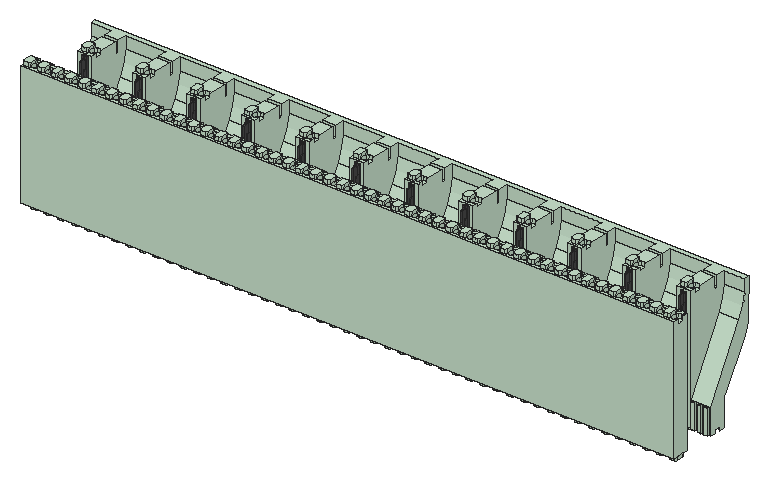
Revit family (continued)
Forms (mm)
  Extrusion 54, void
    sketch origin (1574.8, -25.16, 0) x (-1, 0, 0) y (0, -1, 0)
      loop
        arc (50.8, -101.014) -> (50.362, -98.696) -> (49.108, -96.698) r 6.35
        arc (49.108, -96.698) -> (48.795, -96.199) -> (48.685, -95.62) r 1.588
        line (48.685, -95.62) -> (48.685, -86.829) -> (44.346, -86.829) -> (44.346, -92.457)
        arc (44.346, -92.457) -> (43.786, -93.668) -> (42.5, -94.024) r 1.587
        arc (42.5, -94.024) -> (36.091, -93.737) -> (29.796, -94.972) r 26.988
        arc (29.796, -94.972) -> (26.615, -97.278) -> (25.4, -101.014) r 6.35
        line (25.4, -101.014) -> (25.4, -124.411)
    from 457.2 to 444.5
  Extrusion 55, void
    sketch origin (1371.6, -25.16, 0) x (-1, 0, 0) y (0, -1, 0)
      loop
        arc (25.4, -124.411) -> (26.615, -128.147) -> (29.796, -130.453) r 6.35
        arc (29.796, -130.453) -> (38.1, -131.763) -> (46.404, -130.453) r 26.987
        arc (46.404, -130.453) -> (49.585, -128.147) -> (50.8, -124.411) r 6.35
        line (50.8, -124.411) -> (50.8, -101.014)
        arc (50.8, -101.014) -> (50.362, -98.696) -> (49.108, -96.698) r 6.35
        arc (49.108, -96.698) -> (48.795, -96.199) -> (48.685, -95.62) r 1.588
        line (48.685, -95.62) -> (48.685, -86.829) -> (44.346, -86.829) -> (44.346, -92.457)
        arc (44.346, -92.457) -> (43.786, -93.668) -> (42.5, -94.024) r 1.587
        arc (42.5, -94.024) -> (36.091, -93.737) -> (29.796, -94.972) r 26.988
        arc (29.796, -94.972) -> (26.615, -97.278) -> (25.4, -101.014) r 6.35
        line (25.4, -101.014) -> (25.4, -124.411)
    from 457.2 to 444.5
  Extrusion 56, void
    sketch origin (1168.4, -25.16, 0) x (-1, 0, 0) y (0, -1, 0)
      loop
        arc (25.4, -124.411) -> (26.615, -128.147) -> (29.796, -130.453) r 6.35
        arc (29.796, -130.453) -> (38.1, -131.763) -> (46.404, -130.453) r 26.987
        arc (46.404, -130.453) -> (49.585, -128.147) -> (50.8, -124.411) r 6.35
        line (50.8, -124.411) -> (50.8, -101.014)
        arc (50.8, -101.014) -> (50.362, -98.696) -> (49.108, -96.698) r 6.35
        arc (49.108, -96.698) -> (48.795, -96.199) -> (48.685, -95.62) r 1.588
        line (48.685, -95.62) -> (48.685, -86.829) -> (44.346, -86.829) -> (44.346, -92.457)
        arc (44.346, -92.457) -> (43.786, -93.668) -> (42.5, -94.024) r 1.587
        arc (42.5, -94.024) -> (36.091, -93.737) -> (29.796, -94.972) r 26.988
        arc (29.796, -94.972) -> (26.615, -97.278) -> (25.4, -101.014) r 6.35
        line (25.4, -101.014) -> (25.4, -124.411)
    from 457.2 to 444.5
  Extrusion 57, void
    sketch origin (965.2, -25.16, 0) x (-1, 0, 0) y (0, -1, 0)
      loop
        arc (25.4, -124.411) -> (26.615, -128.147) -> (29.796, -130.453) r 6.35
        arc (29.796, -130.453) -> (38.1, -131.763) -> (46.404, -130.453) r 26.987
        arc (46.404, -130.453) -> (49.585, -128.147) -> (50.8, -124.411) r 6.35
        line (50.8, -124.411) -> (50.8, -101.014)
        arc (50.8, -101.014) -> (50.362, -98.696) -> (49.108, -96.698) r 6.35
        arc (49.108, -96.698) -> (48.795, -96.199) -> (48.685, -95.62) r 1.588
        line (48.685, -95.62) -> (48.685, -86.829) -> (44.346, -86.829) -> (44.346, -92.457)
        arc (44.346, -92.457) -> (43.786, -93.668) -> (42.5, -94.024) r 1.587
        arc (42.5, -94.024) -> (36.091, -93.737) -> (29.796, -94.972) r 26.988
        arc (29.796, -94.972) -> (26.615, -97.278) -> (25.4, -101.014) r 6.35
        line (25.4, -101.014) -> (25.4, -124.411)
    from 457.2 to 444.5
  Extrusion 58, void
    sketch origin (762, -25.16, 0) x (-1, 0, 0) y (0, -1, 0)
      loop
        arc (25.4, -124.411) -> (26.615, -128.147) -> (29.796, -130.453) r 6.35
        arc (29.796, -130.453) -> (38.1, -131.763) -> (46.404, -130.453) r 26.987
        arc (46.404, -130.453) -> (49.585, -128.147) -> (50.8, -124.411) r 6.35
        line (50.8, -124.411) -> (50.8, -101.014)
        arc (50.8, -101.014) -> (50.362, -98.696) -> (49.108, -96.698) r 6.35
        arc (49.108, -96.698) -> (48.795, -96.199) -> (48.685, -95.62) r 1.588
        line (48.685, -95.62) -> (48.685, -86.829) -> (44.346, -86.829) -> (44.346, -92.457)
        arc (44.346, -92.457) -> (43.786, -93.668) -> (42.5, -94.024) r 1.587
        arc (42.5, -94.024) -> (36.091, -93.737) -> (29.796, -94.972) r 26.988
        arc (29.796, -94.972) -> (26.615, -97.278) -> (25.4, -101.014) r 6.35
        line (25.4, -101.014) -> (25.4, -124.411)
    from 457.2 to 444.5
  Extrusion 59, void
    sketch origin (558.8, -25.16, 0) x (-1, 0, 0) y (0, -1, 0)
      loop
        arc (25.4, -124.411) -> (26.615, -128.147) -> (29.796, -130.453) r 6.35
        arc (29.796, -130.453) -> (38.1, -131.763) -> (46.404, -130.453) r 26.987
        arc (46.404, -130.453) -> (49.585, -128.147) -> (50.8, -124.411) r 6.35
        line (50.8, -124.411) -> (50.8, -101.014)
        arc (50.8, -101.014) -> (50.362, -98.696) -> (49.108, -96.698) r 6.35
        arc (49.108, -96.698) -> (48.795, -96.199) -> (48.685, -95.62) r 1.588
        line (48.685, -95.62) -> (48.685, -86.829) -> (44.346, -86.829) -> (44.346, -92.457)
        arc (44.346, -92.457) -> (43.786, -93.668) -> (42.5, -94.024) r 1.587
        arc (42.5, -94.024) -> (36.091, -93.737) -> (29.796, -94.972) r 26.988
        arc (29.796, -94.972) -> (26.615, -97.278) -> (25.4, -101.014) r 6.35
        line (25.4, -101.014) -> (25.4, -124.411)
    from 457.2 to 444.5
  Extrusion 60, void
    sketch origin (355.6, -25.16, 0) x (-1, 0, 0) y (0, -1, 0)
      loop
        arc (25.4, -124.411) -> (26.615, -128.147) -> (29.796, -130.453) r 6.35
        arc (29.796, -130.453) -> (38.1, -131.763) -> (46.404, -130.453) r 26.987
        arc (46.404, -130.453) -> (49.585, -128.147) -> (50.8, -124.411) r 6.35
        line (50.8, -124.411) -> (50.8, -101.014)
        arc (50.8, -101.014) -> (50.362, -98.696) -> (49.108, -96.698) r 6.35
        arc (49.108, -96.698) -> (48.795, -96.199) -> (48.685, -95.62) r 1.588
        line (48.685, -95.62) -> (48.685, -86.829) -> (44.346, -86.829) -> (44.346, -92.457)
        arc (44.346, -92.457) -> (43.786, -93.668) -> (42.5, -94.024) r 1.587
        arc (42.5, -94.024) -> (36.091, -93.737) -> (29.796, -94.972) r 26.988
        arc (29.796, -94.972) -> (26.615, -97.278) -> (25.4, -101.014) r 6.35
        line (25.4, -101.014) -> (25.4, -124.411)
    from 457.2 to 444.5
  Extrusion 61, void
    sketch origin (152.4, -25.16, 0) x (-1, 0, 0) y (0, -1, 0)
      loop
        arc (25.4, -124.411) -> (26.615, -128.147) -> (29.796, -130.453) r 6.35
        arc (29.796, -130.453) -> (38.1, -131.763) -> (46.404, -130.453) r 26.987
        arc (46.404, -130.453) -> (49.585, -128.147) -> (50.8, -124.411) r 6.35
        line (50.8, -124.411) -> (50.8, -101.014)
        arc (50.8, -101.014) -> (50.362, -98.696) -> (49.108, -96.698) r 6.35
        arc (49.108, -96.698) -> (48.795, -96.199) -> (48.685, -95.62) r 1.588
        line (48.685, -95.62) -> (48.685, -86.829) -> (44.346, -86.829) -> (44.346, -92.457)
        arc (44.346, -92.457) -> (43.786, -93.668) -> (42.5, -94.024) r 1.587
        arc (42.5, -94.024) -> (36.091, -93.737) -> (29.796, -94.972) r 26.988
        arc (29.796, -94.972) -> (26.615, -97.278) -> (25.4, -101.014) r 6.35
        line (25.4, -101.014) -> (25.4, -124.411)
    from 457.2 to 444.5
  Extrusion 62, void
    sketch origin (50.8, 25.64, 0) x (-1, 0, 0) y (0, -1, 0)
      loop
        line (25.4, 124.411) -> (25.4, 101.014)
        arc (25.4, 101.014) -> (26.615, 97.278) -> (29.796, 94.972) r 6.35
        arc (29.796, 94.972) -> (36.091, 93.737) -> (42.5, 94.024) r 26.988
        arc (42.5, 94.024) -> (43.786, 93.668) -> (44.346, 92.457) r 1.587
        line (44.346, 92.457) -> (44.346, 86.829) -> (48.685, 86.829) -> (48.685, 95.62)
        arc (48.685, 95.62) -> (48.795, 96.199) -> (49.108, 96.698) r 1.588
        arc (49.108, 96.698) -> (50.362, 98.696) -> (50.8, 101.014) r 6.35
        line (50.8, 101.014) -> (50.8, 124.411)
        arc (50.8, 124.411) -> (49.585, 128.147) -> (46.404, 130.453) r 6.35
        arc (46.404, 130.453) -> (38.1, 131.763) -> (29.796, 130.453) r 26.987
        arc (29.796, 130.453) -> (26.615, 128.147) -> (25.4, 124.411) r 6.35
    from 0 to 12.7
  Extrusion 63, void
    sketch origin (101.6, 25.64, 0) x (-1, 0, 0) y (0, -1, 0)
      loop
        line (25.4, 124.411) -> (25.4, 101.014)
        arc (25.4, 101.014) -> (26.615, 97.278) -> (29.796, 94.972) r 6.35
        arc (29.796, 94.972) -> (36.091, 93.737) -> (42.5, 94.024) r 26.988
        arc (42.5, 94.024) -> (43.786, 93.668) -> (44.346, 92.457) r 1.587
        line (44.346, 92.457) -> (44.346, 86.829) -> (48.685, 86.829) -> (48.685, 95.62)
        arc (48.685, 95.62) -> (48.795, 96.199) -> (49.108, 96.698) r 1.588
        arc (49.108, 96.698) -> (50.362, 98.696) -> (50.8, 101.014) r 6.35
        line (50.8, 101.014) -> (50.8, 124.411)
        arc (50.8, 124.411) -> (49.585, 128.147) -> (46.404, 130.453) r 6.35
        arc (46.404, 130.453) -> (38.1, 131.763) -> (29.796, 130.453) r 26.987
        arc (29.796, 130.453) -> (26.615, 128.147) -> (25.4, 124.411) r 6.35
    from 0 to 12.7
  Extrusion 64, void
    sketch origin (152.4, 25.64, 0) x (-1, 0, 0) y (0, -1, 0)
      loop
        line (25.4, 124.411) -> (25.4, 101.014)
        arc (25.4, 101.014) -> (26.615, 97.278) -> (29.796, 94.972) r 6.35
        arc (29.796, 94.972) -> (36.091, 93.737) -> (42.5, 94.024) r 26.988
        arc (42.5, 94.024) -> (43.786, 93.668) -> (44.346, 92.457) r 1.587
        line (44.346, 92.457) -> (44.346, 86.829) -> (48.685, 86.829) -> (48.685, 95.62)
        arc (48.685, 95.62) -> (48.795, 96.199) -> (49.108, 96.698) r 1.588
        arc (49.108, 96.698) -> (50.362, 98.696) -> (50.8, 101.014) r 6.35
        line (50.8, 101.014) -> (50.8, 124.411)
        arc (50.8, 124.411) -> (49.585, 128.147) -> (46.404, 130.453) r 6.35
        arc (46.404, 130.453) -> (38.1, 131.763) -> (29.796, 130.453) r 26.987
        arc (29.796, 130.453) -> (26.615, 128.147) -> (25.4, 124.411) r 6.35
    from 0 to 12.7
  Extrusion 65, void
    sketch origin (203.2, 25.64, 0) x (-1, 0, 0) y (0, -1, 0)
      loop
        line (25.4, 124.411) -> (25.4, 101.014)
        arc (25.4, 101.014) -> (26.615, 97.278) -> (29.796, 94.972) r 6.35
        arc (29.796, 94.972) -> (36.091, 93.737) -> (42.5, 94.024) r 26.988
        arc (42.5, 94.024) -> (43.786, 93.668) -> (44.346, 92.457) r 1.587
        line (44.346, 92.457) -> (44.346, 86.829) -> (48.685, 86.829) -> (48.685, 95.62)
        arc (48.685, 95.62) -> (48.795, 96.199) -> (49.108, 96.698) r 1.588
        arc (49.108, 96.698) -> (50.362, 98.696) -> (50.8, 101.014) r 6.35
        line (50.8, 101.014) -> (50.8, 124.411)
        arc (50.8, 124.411) -> (49.585, 128.147) -> (46.404, 130.453) r 6.35
        arc (46.404, 130.453) -> (38.1, 131.763) -> (29.796, 130.453) r 26.987
        arc (29.796, 130.453) -> (26.615, 128.147) -> (25.4, 124.411) r 6.35
    from 0 to 12.7
  Extrusion 66, void
    sketch origin (254, 25.64, 0) x (-1, 0, 0) y (0, -1, 0)
      loop
        line (25.4, 124.411) -> (25.4, 101.014)
        arc (25.4, 101.014) -> (26.615, 97.278) -> (29.796, 94.972) r 6.35
        arc (29.796, 94.972) -> (36.091, 93.737) -> (42.5, 94.024) r 26.988
        arc (42.5, 94.024) -> (43.786, 93.668) -> (44.346, 92.457) r 1.587
        line (44.346, 92.457) -> (44.346, 86.829) -> (48.685, 86.829) -> (48.685, 95.62)
        arc (48.685, 95.62) -> (48.795, 96.199) -> (49.108, 96.698) r 1.588
        arc (49.108, 96.698) -> (50.362, 98.696) -> (50.8, 101.014) r 6.35
        line (50.8, 101.014) -> (50.8, 124.411)
        arc (50.8, 124.411) -> (49.585, 128.147) -> (46.404, 130.453) r 6.35
        arc (46.404, 130.453) -> (38.1, 131.763) -> (29.796, 130.453) r 26.987
        arc (29.796, 130.453) -> (26.615, 128.147) -> (25.4, 124.411) r 6.35
    from 0 to 12.7
  Extrusion 67, void
    sketch origin (304.8, 25.64, 0) x (-1, 0, 0) y (0, -1, 0)
      loop
        line (25.4, 124.411) -> (25.4, 101.014)
        arc (25.4, 101.014) -> (26.615, 97.278) -> (29.796, 94.972) r 6.35
        arc (29.796, 94.972) -> (36.091, 93.737) -> (42.5, 94.024) r 26.988
        arc (42.5, 94.024) -> (43.786, 93.668) -> (44.346, 92.457) r 1.587
        line (44.346, 92.457) -> (44.346, 86.829) -> (48.685, 86.829) -> (48.685, 95.62)
        arc (48.685, 95.62) -> (48.795, 96.199) -> (49.108, 96.698) r 1.588
        arc (49.108, 96.698) -> (50.362, 98.696) -> (50.8, 101.014) r 6.35
        line (50.8, 101.014) -> (50.8, 124.411)
        arc (50.8, 124.411) -> (49.585, 128.147) -> (46.404, 130.453) r 6.35
        arc (46.404, 130.453) -> (38.1, 131.763) -> (29.796, 130.453) r 26.987
        arc (29.796, 130.453) -> (26.615, 128.147) -> (25.4, 124.411) r 6.35
    from 0 to 12.7
  Extrusion 68, void
    sketch origin (355.6, 25.64, 0) x (-1, 0, 0) y (0, -1, 0)
      loop
        line (25.4, 124.411) -> (25.4, 101.014)
        arc (25.4, 101.014) -> (26.615, 97.278) -> (29.796, 94.972) r 6.35
        arc (29.796, 94.972) -> (36.091, 93.737) -> (42.5, 94.024) r 26.988
        arc (42.5, 94.024) -> (43.786, 93.668) -> (44.346, 92.457) r 1.587
        line (44.346, 92.457) -> (44.346, 86.829) -> (48.685, 86.829) -> (48.685, 95.62)
        arc (48.685, 95.62) -> (48.795, 96.199) -> (49.108, 96.698) r 1.588
        arc (49.108, 96.698) -> (50.362, 98.696) -> (50.8, 101.014) r 6.35
        line (50.8, 101.014) -> (50.8, 124.411)
        arc (50.8, 124.411) -> (49.585, 128.147) -> (46.404, 130.453) r 6.35
        arc (46.404, 130.453) -> (38.1, 131.763) -> (29.796, 130.453) r 26.987
        arc (29.796, 130.453) -> (26.615, 128.147) -> (25.4, 124.411) r 6.35
    from 0 to 12.7
  Extrusion 69, void
    sketch origin (406.4, 25.64, 0) x (-1, 0, 0) y (0, -1, 0)
      loop
        line (25.4, 124.411) -> (25.4, 101.014)
        arc (25.4, 101.014) -> (26.615, 97.278) -> (29.796, 94.972) r 6.35
        arc (29.796, 94.972) -> (36.091, 93.737) -> (42.5, 94.024) r 26.988
        arc (42.5, 94.024) -> (43.786, 93.668) -> (44.346, 92.457) r 1.587
        line (44.346, 92.457) -> (44.346, 86.829) -> (48.685, 86.829) -> (48.685, 95.62)
        arc (48.685, 95.62) -> (48.795, 96.199) -> (49.108, 96.698) r 1.588
        arc (49.108, 96.698) -> (50.362, 98.696) -> (50.8, 101.014) r 6.35
        line (50.8, 101.014) -> (50.8, 124.411)
        arc (50.8, 124.411) -> (49.585, 128.147) -> (46.404, 130.453) r 6.35
        arc (46.404, 130.453) -> (38.1, 131.763) -> (29.796, 130.453) r 26.987
        arc (29.796, 130.453) -> (26.615, 128.147) -> (25.4, 124.411) r 6.35
    from 0 to 12.7
  Extrusion 70, void
    sketch origin (457.2, 25.64, 0) x (-1, 0, 0) y (0, -1, 0)
      loop
        line (25.4, 124.411) -> (25.4, 101.014)
        arc (25.4, 101.014) -> (26.615, 97.278) -> (29.796, 94.972) r 6.35
        arc (29.796, 94.972) -> (36.091, 93.737) -> (42.5, 94.024) r 26.988
        arc (42.5, 94.024) -> (43.786, 93.668) -> (44.346, 92.457) r 1.587
        line (44.346, 92.457) -> (44.346, 86.829) -> (48.685, 86.829) -> (48.685, 95.62)
        arc (48.685, 95.62) -> (48.795, 96.199) -> (49.108, 96.698) r 1.588
        arc (49.108, 96.698) -> (50.362, 98.696) -> (50.8, 101.014) r 6.35
        line (50.8, 101.014) -> (50.8, 124.411)
        arc (50.8, 124.411) -> (49.585, 128.147) -> (46.404, 130.453) r 6.35
        arc (46.404, 130.453) -> (38.1, 131.763) -> (29.796, 130.453) r 26.987
        arc (29.796, 130.453) -> (26.615, 128.147) -> (25.4, 124.411) r 6.35
    from 0 to 12.7
  Extrusion 71, void
    sketch origin (508, 25.64, 0) x (-1, 0, 0) y (0, -1, 0)
      loop
        line (25.4, 124.411) -> (25.4, 101.014)
        arc (25.4, 101.014) -> (26.615, 97.278) -> (29.796, 94.972) r 6.35
        arc (29.796, 94.972) -> (36.091, 93.737) -> (42.5, 94.024) r 26.988
        arc (42.5, 94.024) -> (43.786, 93.668) -> (44.346, 92.457) r 1.587
        line (44.346, 92.457) -> (44.346, 86.829) -> (48.685, 86.829) -> (48.685, 95.62)
        arc (48.685, 95.62) -> (48.795, 96.199) -> (49.108, 96.698) r 1.588
        arc (49.108, 96.698) -> (50.362, 98.696) -> (50.8, 101.014) r 6.35
        line (50.8, 101.014) -> (50.8, 124.411)
        arc (50.8, 124.411) -> (49.585, 128.147) -> (46.404, 130.453) r 6.35
        arc (46.404, 130.453) -> (38.1, 131.763) -> (29.796, 130.453) r 26.987
        arc (29.796, 130.453) -> (26.615, 128.147) -> (25.4, 124.411) r 6.35
    from 0 to 12.7
  Extrusion 72, void
    sketch origin (558.8, 25.64, 0) x (-1, 0, 0) y (0, -1, 0)
      loop
        line (25.4, 124.411) -> (25.4, 101.014)
        arc (25.4, 101.014) -> (26.615, 97.278) -> (29.796, 94.972) r 6.35
        arc (29.796, 94.972) -> (36.091, 93.737) -> (42.5, 94.024) r 26.988
        arc (42.5, 94.024) -> (43.786, 93.668) -> (44.346, 92.457) r 1.587
        line (44.346, 92.457) -> (44.346, 86.829) -> (48.685, 86.829) -> (48.685, 95.62)
        arc (48.685, 95.62) -> (48.795, 96.199) -> (49.108, 96.698) r 1.588
        arc (49.108, 96.698) -> (50.362, 98.696) -> (50.8, 101.014) r 6.35
        line (50.8, 101.014) -> (50.8, 124.411)
        arc (50.8, 124.411) -> (49.585, 128.147) -> (46.404, 130.453) r 6.35
        arc (46.404, 130.453) -> (38.1, 131.763) -> (29.796, 130.453) r 26.987
        arc (29.796, 130.453) -> (26.615, 128.147) -> (25.4, 124.411) r 6.35
    from 0 to 12.7
  Extrusion 73, void
    sketch origin (609.6, 25.64, 0) x (-1, 0, 0) y (0, -1, 0)
      loop
        line (25.4, 124.411) -> (25.4, 101.014)
        arc (25.4, 101.014) -> (26.615, 97.278) -> (29.796, 94.972) r 6.35
        arc (29.796, 94.972) -> (36.091, 93.737) -> (42.5, 94.024) r 26.988
        arc (42.5, 94.024) -> (43.786, 93.668) -> (44.346, 92.457) r 1.587
        line (44.346, 92.457) -> (44.346, 86.829) -> (48.685, 86.829) -> (48.685, 95.62)
        arc (48.685, 95.62) -> (48.795, 96.199) -> (49.108, 96.698) r 1.588
        arc (49.108, 96.698) -> (50.362, 98.696) -> (50.8, 101.014) r 6.35
        line (50.8, 101.014) -> (50.8, 124.411)
        arc (50.8, 124.411) -> (49.585, 128.147) -> (46.404, 130.453) r 6.35
        arc (46.404, 130.453) -> (38.1, 131.763) -> (29.796, 130.453) r 26.987
        arc (29.796, 130.453) -> (26.615, 128.147) -> (25.4, 124.411) r 6.35
    from 0 to 12.7
  Extrusion 74, void
    sketch origin (660.4, 25.64, 0) x (-1, 0, 0) y (0, -1, 0)
      loop
        line (25.4, 124.411) -> (25.4, 101.014)
        arc (25.4, 101.014) -> (26.615, 97.278) -> (29.796, 94.972) r 6.35
        arc (29.796, 94.972) -> (36.091, 93.737) -> (42.5, 94.024) r 26.988
        arc (42.5, 94.024) -> (43.786, 93.668) -> (44.346, 92.457) r 1.587
        line (44.346, 92.457) -> (44.346, 86.829) -> (48.685, 86.829) -> (48.685, 95.62)
        arc (48.685, 95.62) -> (48.795, 96.199) -> (49.108, 96.698) r 1.588
        arc (49.108, 96.698) -> (50.362, 98.696) -> (50.8, 101.014) r 6.35
        line (50.8, 101.014) -> (50.8, 124.411)
        arc (50.8, 124.411) -> (49.585, 128.147) -> (46.404, 130.453) r 6.35
        arc (46.404, 130.453) -> (38.1, 131.763) -> (29.796, 130.453) r 26.987
        arc (29.796, 130.453) -> (26.615, 128.147) -> (25.4, 124.411) r 6.35
    from 0 to 12.7
  Extrusion 75, void
    sketch origin (711.2, 25.64, 0) x (-1, 0, 0) y (0, -1, 0)
      loop
        line (25.4, 124.411) -> (25.4, 101.014)
        arc (25.4, 101.014) -> (26.615, 97.278) -> (29.796, 94.972) r 6.35
        arc (29.796, 94.972) -> (36.091, 93.737) -> (42.5, 94.024) r 26.988
        arc (42.5, 94.024) -> (43.786, 93.668) -> (44.346, 92.457) r 1.587
        line (44.346, 92.457) -> (44.346, 86.829) -> (48.685, 86.829) -> (48.685, 95.62)
        arc (48.685, 95.62) -> (48.795, 96.199) -> (49.108, 96.698) r 1.588
        arc (49.108, 96.698) -> (50.362, 98.696) -> (50.8, 101.014) r 6.35
        line (50.8, 101.014) -> (50.8, 124.411)
        arc (50.8, 124.411) -> (49.585, 128.147) -> (46.404, 130.453) r 6.35
        arc (46.404, 130.453) -> (38.1, 131.763) -> (29.796, 130.453) r 26.987
        arc (29.796, 130.453) -> (26.615, 128.147) -> (25.4, 124.411) r 6.35
    from 0 to 12.7
  Extrusion 76, void
    sketch origin (762, 25.64, 0) x (-1, 0, 0) y (0, -1, 0)
      loop
        line (25.4, 124.411) -> (25.4, 101.014)
        arc (25.4, 101.014) -> (26.615, 97.278) -> (29.796, 94.972) r 6.35
        arc (29.796, 94.972) -> (36.091, 93.737) -> (42.5, 94.024) r 26.988
        arc (42.5, 94.024) -> (43.786, 93.668) -> (44.346, 92.457) r 1.587
        line (44.346, 92.457) -> (44.346, 86.829) -> (48.685, 86.829) -> (48.685, 95.62)
        arc (48.685, 95.62) -> (48.795, 96.199) -> (49.108, 96.698) r 1.588
        arc (49.108, 96.698) -> (50.362, 98.696) -> (50.8, 101.014) r 6.35
        line (50.8, 101.014) -> (50.8, 124.411)
        arc (50.8, 124.411) -> (49.585, 128.147) -> (46.404, 130.453) r 6.35
        arc (46.404, 130.453) -> (38.1, 131.763) -> (29.796, 130.453) r 26.987
        arc (29.796, 130.453) -> (26.615, 128.147) -> (25.4, 124.411) r 6.35
    from 0 to 12.7
  Extrusion 77, void
    sketch origin (812.8, 25.64, 0) x (-1, 0, 0) y (0, -1, 0)
      loop
        line (25.4, 124.411) -> (25.4, 101.014)
        arc (25.4, 101.014) -> (26.615, 97.278) -> (29.796, 94.972) r 6.35
        arc (29.796, 94.972) -> (36.091, 93.737) -> (42.5, 94.024) r 26.988
        arc (42.5, 94.024) -> (43.786, 93.668) -> (44.346, 92.457) r 1.587
        line (44.346, 92.457) -> (44.346, 86.829) -> (48.685, 86.829) -> (48.685, 95.62)
        arc (48.685, 95.62) -> (48.795, 96.199) -> (49.108, 96.698) r 1.588
        arc (49.108, 96.698) -> (50.362, 98.696) -> (50.8, 101.014) r 6.35
        line (50.8, 101.014) -> (50.8, 124.411)
        arc (50.8, 124.411) -> (49.585, 128.147) -> (46.404, 130.453) r 6.35
        arc (46.404, 130.453) -> (38.1, 131.763) -> (29.796, 130.453) r 26.987
        arc (29.796, 130.453) -> (26.615, 128.147) -> (25.4, 124.411) r 6.35
    from 0 to 12.7
  Extrusion 78, void
    sketch origin (863.6, 25.64, 0) x (-1, 0, 0) y (0, -1, 0)
      loop
        line (25.4, 124.411) -> (25.4, 101.014)
        arc (25.4, 101.014) -> (26.615, 97.278) -> (29.796, 94.972) r 6.35
        arc (29.796, 94.972) -> (36.091, 93.737) -> (42.5, 94.024) r 26.988
        arc (42.5, 94.024) -> (43.786, 93.668) -> (44.346, 92.457) r 1.587
        line (44.346, 92.457) -> (44.346, 86.829) -> (48.685, 86.829) -> (48.685, 95.62)
        arc (48.685, 95.62) -> (48.795, 96.199) -> (49.108, 96.698) r 1.588
        arc (49.108, 96.698) -> (50.362, 98.696) -> (50.8, 101.014) r 6.35
        line (50.8, 101.014) -> (50.8, 124.411)
        arc (50.8, 124.411) -> (49.585, 128.147) -> (46.404, 130.453) r 6.35
        arc (46.404, 130.453) -> (38.1, 131.763) -> (29.796, 130.453) r 26.987
        arc (29.796, 130.453) -> (26.615, 128.147) -> (25.4, 124.411) r 6.35
    from 0 to 12.7
  Extrusion 79, void
    sketch origin (914.4, 25.64, 0) x (-1, 0, 0) y (0, -1, 0)
      loop
        line (25.4, 124.411) -> (25.4, 101.014)
        arc (25.4, 101.014) -> (26.615, 97.278) -> (29.796, 94.972) r 6.35
        arc (29.796, 94.972) -> (36.091, 93.737) -> (42.5, 94.024) r 26.988
        arc (42.5, 94.024) -> (43.786, 93.668) -> (44.346, 92.457) r 1.587
        line (44.346, 92.457) -> (44.346, 86.829) -> (48.685, 86.829) -> (48.685, 95.62)
        arc (48.685, 95.62) -> (48.795, 96.199) -> (49.108, 96.698) r 1.588
        arc (49.108, 96.698) -> (50.362, 98.696) -> (50.8, 101.014) r 6.35
        line (50.8, 101.014) -> (50.8, 124.411)
        arc (50.8, 124.411) -> (49.585, 128.147) -> (46.404, 130.453) r 6.35
        arc (46.404, 130.453) -> (38.1, 131.763) -> (29.796, 130.453) r 26.987
        arc (29.796, 130.453) -> (26.615, 128.147) -> (25.4, 124.411) r 6.35
    from 0 to 12.7
  Extrusion 80, void
    sketch origin (965.2, 25.64, 0) x (-1, 0, 0) y (0, -1, 0)
      loop
        line (25.4, 124.411) -> (25.4, 101.014)
        arc (25.4, 101.014) -> (26.615, 97.278) -> (29.796, 94.972) r 6.35
        arc (29.796, 94.972) -> (36.091, 93.737) -> (42.5, 94.024) r 26.988
        arc (42.5, 94.024) -> (43.786, 93.668) -> (44.346, 92.457) r 1.587
        line (44.346, 92.457) -> (44.346, 86.829) -> (48.685, 86.829) -> (48.685, 95.62)
        arc (48.685, 95.62) -> (48.795, 96.199) -> (49.108, 96.698) r 1.588
        arc (49.108, 96.698) -> (50.362, 98.696) -> (50.8, 101.014) r 6.35
        line (50.8, 101.014) -> (50.8, 124.411)
        arc (50.8, 124.411) -> (49.585, 128.147) -> (46.404, 130.453) r 6.35
        arc (46.404, 130.453) -> (38.1, 131.763) -> (29.796, 130.453) r 26.987
        arc (29.796, 130.453) -> (26.615, 128.147) -> (25.4, 124.411) r 6.35
    from 0 to 12.7
  Extrusion 81, void
    sketch origin (1016, 25.64, 0) x (-1, 0, 0) y (0, -1, 0)
      loop
        line (25.4, 124.411) -> (25.4, 101.014)
        arc (25.4, 101.014) -> (26.615, 97.278) -> (29.796, 94.972) r 6.35
        arc (29.796, 94.972) -> (36.091, 93.737) -> (42.5, 94.024) r 26.988
        arc (42.5, 94.024) -> (43.786, 93.668) -> (44.346, 92.457) r 1.587
        line (44.346, 92.457) -> (44.346, 86.829) -> (48.685, 86.829) -> (48.685, 95.62)
        arc (48.685, 95.62) -> (48.795, 96.199) -> (49.108, 96.698) r 1.588
        arc (49.108, 96.698) -> (50.362, 98.696) -> (50.8, 101.014) r 6.35
        line (50.8, 101.014) -> (50.8, 124.411)
        arc (50.8, 124.411) -> (49.585, 128.147) -> (46.404, 130.453) r 6.35
        arc (46.404, 130.453) -> (38.1, 131.763) -> (29.796, 130.453) r 26.987
        arc (29.796, 130.453) -> (26.615, 128.147) -> (25.4, 124.411) r 6.35
    from 0 to 12.7
  Extrusion 82, void
    sketch origin (1066.8, 25.64, 0) x (-1, 0, 0) y (0, -1, 0)
      loop
        line (25.4, 124.411) -> (25.4, 101.014)
        arc (25.4, 101.014) -> (26.615, 97.278) -> (29.796, 94.972) r 6.35
        arc (29.796, 94.972) -> (36.091, 93.737) -> (42.5, 94.024) r 26.988
        arc (42.5, 94.024) -> (43.786, 93.668) -> (44.346, 92.457) r 1.587
        line (44.346, 92.457) -> (44.346, 86.829) -> (48.685, 86.829) -> (48.685, 95.62)
        arc (48.685, 95.62) -> (48.795, 96.199) -> (49.108, 96.698) r 1.588
        arc (49.108, 96.698) -> (50.362, 98.696) -> (50.8, 101.014) r 6.35
        line (50.8, 101.014) -> (50.8, 124.411)
        arc (50.8, 124.411) -> (49.585, 128.147) -> (46.404, 130.453) r 6.35
        arc (46.404, 130.453) -> (38.1, 131.763) -> (29.796, 130.453) r 26.987
        arc (29.796, 130.453) -> (26.615, 128.147) -> (25.4, 124.411) r 6.35
    from 0 to 12.7
  Extrusion 83, void
    sketch origin (1117.6, 25.64, 0) x (-1, 0, 0) y (0, -1, 0)
      loop
        line (25.4, 124.411) -> (25.4, 101.014)
        arc (25.4, 101.014) -> (26.615, 97.278) -> (29.796, 94.972) r 6.35
        arc (29.796, 94.972) -> (36.091, 93.737) -> (42.5, 94.024) r 26.988
        arc (42.5, 94.024) -> (43.786, 93.668) -> (44.346, 92.457) r 1.587
        line (44.346, 92.457) -> (44.346, 86.829) -> (48.685, 86.829) -> (48.685, 95.62)
        arc (48.685, 95.62) -> (48.795, 96.199) -> (49.108, 96.698) r 1.588
        arc (49.108, 96.698) -> (50.362, 98.696) -> (50.8, 101.014) r 6.35
        line (50.8, 101.014) -> (50.8, 124.411)
        arc (50.8, 124.411) -> (49.585, 128.147) -> (46.404, 130.453) r 6.35
        arc (46.404, 130.453) -> (38.1, 131.763) -> (29.796, 130.453) r 26.987
        arc (29.796, 130.453) -> (26.615, 128.147) -> (25.4, 124.411) r 6.35
    from 0 to 12.7
  Extrusion 84, void
    sketch origin (1168.4, 25.64, 0) x (-1, 0, 0) y (0, -1, 0)
      loop
        line (25.4, 124.411) -> (25.4, 101.014)
        arc (25.4, 101.014) -> (26.615, 97.278) -> (29.796, 94.972) r 6.35
        arc (29.796, 94.972) -> (36.091, 93.737) -> (42.5, 94.024) r 26.988
        arc (42.5, 94.024) -> (43.786, 93.668) -> (44.346, 92.457) r 1.587
        line (44.346, 92.457) -> (44.346, 86.829) -> (48.685, 86.829) -> (48.685, 95.62)
        arc (48.685, 95.62) -> (48.795, 96.199) -> (49.108, 96.698) r 1.588
        arc (49.108, 96.698) -> (50.362, 98.696) -> (50.8, 101.014) r 6.35
        line (50.8, 101.014) -> (50.8, 124.411)
        arc (50.8, 124.411) -> (49.585, 128.147) -> (46.404, 130.453) r 6.35
        arc (46.404, 130.453) -> (38.1, 131.763) -> (29.796, 130.453) r 26.987
        arc (29.796, 130.453) -> (26.615, 128.147) -> (25.4, 124.411) r 6.35
    from 0 to 12.7
  Extrusion 85, void
    sketch origin (1219.2, 25.64, 0) x (-1, 0, 0) y (0, -1, 0)
      loop
        line (25.4, 124.411) -> (25.4, 101.014)
        arc (25.4, 101.014) -> (26.615, 97.278) -> (29.796, 94.972) r 6.35
        arc (29.796, 94.972) -> (36.091, 93.737) -> (42.5, 94.024) r 26.988
        arc (42.5, 94.024) -> (43.786, 93.668) -> (44.346, 92.457) r 1.587
        line (44.346, 92.457) -> (44.346, 86.829) -> (48.685, 86.829) -> (48.685, 95.62)
        arc (48.685, 95.62) -> (48.795, 96.199) -> (49.108, 96.698) r 1.588
        arc (49.108, 96.698) -> (50.362, 98.696) -> (50.8, 101.014) r 6.35
        line (50.8, 101.014) -> (50.8, 124.411)
        arc (50.8, 124.411) -> (49.585, 128.147) -> (46.404, 130.453) r 6.35
        arc (46.404, 130.453) -> (38.1, 131.763) -> (29.796, 130.453) r 26.987
        arc (29.796, 130.453) -> (26.615, 128.147) -> (25.4, 124.411) r 6.35
    from 0 to 12.7
  Extrusion 86, void
    sketch origin (1270, 25.64, 0) x (-1, 0, 0) y (0, -1, 0)
      loop
        line (25.4, 124.411) -> (25.4, 101.014)
        arc (25.4, 101.014) -> (26.615, 97.278) -> (29.796, 94.972) r 6.35
        arc (29.796, 94.972) -> (36.091, 93.737) -> (42.5, 94.024) r 26.988
        arc (42.5, 94.024) -> (43.786, 93.668) -> (44.346, 92.457) r 1.587
        line (44.346, 92.457) -> (44.346, 86.829) -> (48.685, 86.829) -> (48.685, 95.62)
        arc (48.685, 95.62) -> (48.795, 96.199) -> (49.108, 96.698) r 1.588
        arc (49.108, 96.698) -> (50.362, 98.696) -> (50.8, 101.014) r 6.35
        line (50.8, 101.014) -> (50.8, 124.411)
        arc (50.8, 124.411) -> (49.585, 128.147) -> (46.404, 130.453) r 6.35
        arc (46.404, 130.453) -> (38.1, 131.763) -> (29.796, 130.453) r 26.987
        arc (29.796, 130.453) -> (26.615, 128.147) -> (25.4, 124.411) r 6.35
    from 0 to 12.7
  Extrusion 87, void
    sketch origin (1320.8, 25.64, 0) x (-1, 0, 0) y (0, -1, 0)
      loop
        line (25.4, 124.411) -> (25.4, 101.014)
        arc (25.4, 101.014) -> (26.615, 97.278) -> (29.796, 94.972) r 6.35
        arc (29.796, 94.972) -> (36.091, 93.737) -> (42.5, 94.024) r 26.988
        arc (42.5, 94.024) -> (43.786, 93.668) -> (44.346, 92.457) r 1.587
        line (44.346, 92.457) -> (44.346, 86.829) -> (48.685, 86.829) -> (48.685, 95.62)
        arc (48.685, 95.62) -> (48.795, 96.199) -> (49.108, 96.698) r 1.588
        arc (49.108, 96.698) -> (50.362, 98.696) -> (50.8, 101.014) r 6.35
        line (50.8, 101.014) -> (50.8, 124.411)
        arc (50.8, 124.411) -> (49.585, 128.147) -> (46.404, 130.453) r 6.35
        arc (46.404, 130.453) -> (38.1, 131.763) -> (29.796, 130.453) r 26.987
        arc (29.796, 130.453) -> (26.615, 128.147) -> (25.4, 124.411) r 6.35
    from 0 to 12.7
  Extrusion 88, void
    sketch origin (1371.6, 25.64, 0) x (-1, 0, 0) y (0, -1, 0)
      loop
        line (25.4, 124.411) -> (25.4, 101.014)
        arc (25.4, 101.014) -> (26.615, 97.278) -> (29.796, 94.972) r 6.35
        arc (29.796, 94.972) -> (36.091, 93.737) -> (42.5, 94.024) r 26.988
        arc (42.5, 94.024) -> (43.786, 93.668) -> (44.346, 92.457) r 1.587
        line (44.346, 92.457) -> (44.346, 86.829) -> (48.685, 86.829) -> (48.685, 95.62)
        arc (48.685, 95.62) -> (48.795, 96.199) -> (49.108, 96.698) r 1.588
        arc (49.108, 96.698) -> (50.362, 98.696) -> (50.8, 101.014) r 6.35
        line (50.8, 101.014) -> (50.8, 124.411)
        arc (50.8, 124.411) -> (49.585, 128.147) -> (46.404, 130.453) r 6.35
        arc (46.404, 130.453) -> (38.1, 131.763) -> (29.796, 130.453) r 26.987
        arc (29.796, 130.453) -> (26.615, 128.147) -> (25.4, 124.411) r 6.35
    from 0 to 12.7
  Extrusion 89, void
    sketch origin (1422.4, 25.64, 0) x (-1, 0, 0) y (0, -1, 0)
      loop
        line (25.4, 124.411) -> (25.4, 101.014)
        arc (25.4, 101.014) -> (26.615, 97.278) -> (29.796, 94.972) r 6.35
        arc (29.796, 94.972) -> (36.091, 93.737) -> (42.5, 94.024) r 26.988
        arc (42.5, 94.024) -> (43.786, 93.668) -> (44.346, 92.457) r 1.587
        line (44.346, 92.457) -> (44.346, 86.829) -> (48.685, 86.829) -> (48.685, 95.62)
        arc (48.685, 95.62) -> (48.795, 96.199) -> (49.108, 96.698) r 1.588
        arc (49.108, 96.698) -> (50.362, 98.696) -> (50.8, 101.014) r 6.35
        line (50.8, 101.014) -> (50.8, 124.411)
        arc (50.8, 124.411) -> (49.585, 128.147) -> (46.404, 130.453) r 6.35
        arc (46.404, 130.453) -> (38.1, 131.763) -> (29.796, 130.453) r 26.987
        arc (29.796, 130.453) -> (26.615, 128.147) -> (25.4, 124.411) r 6.35
    from 0 to 12.7
  Extrusion 90, void
    sketch origin (1473.2, 25.64, 0) x (-1, 0, 0) y (0, -1, 0)
      loop
        line (25.4, 124.411) -> (25.4, 101.014)
        arc (25.4, 101.014) -> (26.615, 97.278) -> (29.796, 94.972) r 6.35
        arc (29.796, 94.972) -> (36.091, 93.737) -> (42.5, 94.024) r 26.988
        arc (42.5, 94.024) -> (43.786, 93.668) -> (44.346, 92.457) r 1.587
        line (44.346, 92.457) -> (44.346, 86.829) -> (48.685, 86.829) -> (48.685, 95.62)
        arc (48.685, 95.62) -> (48.795, 96.199) -> (49.108, 96.698) r 1.588
        arc (49.108, 96.698) -> (50.362, 98.696) -> (50.8, 101.014) r 6.35
        line (50.8, 101.014) -> (50.8, 124.411)
        arc (50.8, 124.411) -> (49.585, 128.147) -> (46.404, 130.453) r 6.35
        arc (46.404, 130.453) -> (38.1, 131.763) -> (29.796, 130.453) r 26.987
        arc (29.796, 130.453) -> (26.615, 128.147) -> (25.4, 124.411) r 6.35
    from 0 to 12.7
  Extrusion 91, void
    sketch origin (1524, 25.64, 0) x (-1, 0, 0) y (0, -1, 0)
      loop
        line (25.4, 124.411) -> (25.4, 101.014)
        arc (25.4, 101.014) -> (26.615, 97.278) -> (29.796, 94.972) r 6.35
        arc (29.796, 94.972) -> (36.091, 93.737) -> (42.5, 94.024) r 26.988
        arc (42.5, 94.024) -> (43.786, 93.668) -> (44.346, 92.457) r 1.587
        line (44.346, 92.457) -> (44.346, 86.829) -> (48.685, 86.829) -> (48.685, 95.62)
        arc (48.685, 95.62) -> (48.795, 96.199) -> (49.108, 96.698) r 1.588
        arc (49.108, 96.698) -> (50.362, 98.696) -> (50.8, 101.014) r 6.35
        line (50.8, 101.014) -> (50.8, 124.411)
        arc (50.8, 124.411) -> (49.585, 128.147) -> (46.404, 130.453) r 6.35
        arc (46.404, 130.453) -> (38.1, 131.763) -> (29.796, 130.453) r 26.987
        arc (29.796, 130.453) -> (26.615, 128.147) -> (25.4, 124.411) r 6.35
    from 0 to 12.7
  Extrusion 92, void
    sketch origin (1574.8, 25.64, 0) x (-1, 0, 0) y (0, -1, 0)
      loop
        line (25.4, 124.411) -> (25.4, 101.014)
        arc (25.4, 101.014) -> (26.615, 97.278) -> (29.796, 94.972) r 6.35
        arc (29.796, 94.972) -> (36.091, 93.737) -> (42.5, 94.024) r 26.988
        arc (42.5, 94.024) -> (43.786, 93.668) -> (44.346, 92.457) r 1.587
        line (44.346, 92.457) -> (44.346, 86.829) -> (48.685, 86.829) -> (48.685, 95.62)
        arc (48.685, 95.62) -> (48.795, 96.199) -> (49.108, 96.698) r 1.588
        arc (49.108, 96.698) -> (50.362, 98.696) -> (50.8, 101.014) r 6.35
        line (50.8, 101.014) -> (50.8, 124.411)
        arc (50.8, 124.411) -> (49.585, 128.147) -> (46.404, 130.453) r 6.35
        arc (46.404, 130.453) -> (38.1, 131.763) -> (29.796, 130.453) r 26.987
        arc (29.796, 130.453) -> (26.615, 128.147) -> (25.4, 124.411) r 6.35
    from 0 to 12.7
  Extrusion 93, void
    sketch origin (1625.6, 25.64, 0) x (-1, 0, 0) y (0, -1, 0)
      loop
        line (25.4, 124.411) -> (25.4, 101.014)
        arc (25.4, 101.014) -> (26.615, 97.278) -> (29.796, 94.972) r 6.35
        arc (29.796, 94.972) -> (36.091, 93.737) -> (42.5, 94.024) r 26.988
        arc (42.5, 94.024) -> (43.786, 93.668) -> (44.346, 92.457) r 1.587
        line (44.346, 92.457) -> (44.346, 86.829) -> (48.685, 86.829) -> (48.685, 95.62)
        arc (48.685, 95.62) -> (48.795, 96.199) -> (49.108, 96.698) r 1.588
        arc (49.108, 96.698) -> (50.362, 98.696) -> (50.8, 101.014) r 6.35
        line (50.8, 101.014) -> (50.8, 124.411)
        arc (50.8, 124.411) -> (49.585, 128.147) -> (46.404, 130.453) r 6.35
        arc (46.404, 130.453) -> (38.1, 131.763) -> (29.796, 130.453) r 26.987
        arc (29.796, 130.453) -> (26.615, 128.147) -> (25.4, 124.411) r 6.35
    from 0 to 12.7
  Extrusion 94, void
    sketch origin (1676.4, 25.64, 0) x (-1, 0, 0) y (0, -1, 0)
      loop
        line (25.4, 124.411) -> (25.4, 101.014)
        arc (25.4, 101.014) -> (26.615, 97.278) -> (29.796, 94.972) r 6.35
        arc (29.796, 94.972) -> (36.091, 93.737) -> (42.5, 94.024) r 26.988
        arc (42.5, 94.024) -> (43.786, 93.668) -> (44.346, 92.457) r 1.587
        line (44.346, 92.457) -> (44.346, 86.829) -> (48.685, 86.829) -> (48.685, 95.62)
        arc (48.685, 95.62) -> (48.795, 96.199) -> (49.108, 96.698) r 1.588
        arc (49.108, 96.698) -> (50.362, 98.696) -> (50.8, 101.014) r 6.35
        line (50.8, 101.014) -> (50.8, 124.411)
        arc (50.8, 124.411) -> (49.585, 128.147) -> (46.404, 130.453) r 6.35
        arc (46.404, 130.453) -> (38.1, 131.763) -> (29.796, 130.453) r 26.987
        arc (29.796, 130.453) -> (26.615, 128.147) -> (25.4, 124.411) r 6.35
    from 0 to 12.7
  Extrusion 95, void
    sketch origin (1727.2, 25.64, 0) x (-1, 0, 0) y (0, -1, 0)
      loop
        line (25.4, 124.411) -> (25.4, 101.014)
        arc (25.4, 101.014) -> (26.615, 97.278) -> (29.796, 94.972) r 6.35
        arc (29.796, 94.972) -> (36.091, 93.737) -> (42.5, 94.024) r 26.988
        arc (42.5, 94.024) -> (43.786, 93.668) -> (44.346, 92.457) r 1.587
        line (44.346, 92.457) -> (44.346, 86.829) -> (48.685, 86.829) -> (48.685, 95.62)
        arc (48.685, 95.62) -> (48.795, 96.199) -> (49.108, 96.698) r 1.588
        arc (49.108, 96.698) -> (50.362, 98.696) -> (50.8, 101.014) r 6.35
        line (50.8, 101.014) -> (50.8, 124.411)
        arc (50.8, 124.411) -> (49.585, 128.147) -> (46.404, 130.453) r 6.35
        arc (46.404, 130.453) -> (38.1, 131.763) -> (29.796, 130.453) r 26.987
        arc (29.796, 130.453) -> (26.615, 128.147) -> (25.4, 124.411) r 6.35
    from 0 to 12.7
  Extrusion 96, void
    sketch origin (1778, 25.64, 0) x (-1, 0, 0) y (0, -1, 0)
      loop
        line (25.4, 124.411) -> (25.4, 101.014)
        arc (25.4, 101.014) -> (26.615, 97.278) -> (29.796, 94.972) r 6.35
        arc (29.796, 94.972) -> (36.091, 93.737) -> (42.5, 94.024) r 26.988
        arc (42.5, 94.024) -> (43.786, 93.668) -> (44.346, 92.457) r 1.587
        line (44.346, 92.457) -> (44.346, 86.829) -> (48.685, 86.829) -> (48.685, 95.62)
        arc (48.685, 95.62) -> (48.795, 96.199) -> (49.108, 96.698) r 1.588
        arc (49.108, 96.698) -> (50.362, 98.696) -> (50.8, 101.014) r 6.35
        line (50.8, 101.014) -> (50.8, 124.411)
        arc (50.8, 124.411) -> (49.585, 128.147) -> (46.404, 130.453) r 6.35
        arc (46.404, 130.453) -> (38.1, 131.763) -> (29.796, 130.453) r 26.987
        arc (29.796, 130.453) -> (26.615, 128.147) -> (25.4, 124.411) r 6.35
    from 0 to 12.7
  Extrusion 97, void
    sketch origin (1828.8, 25.64, 0) x (-1, 0, 0) y (0, -1, 0)
      loop
        line (25.4, 124.411) -> (25.4, 101.014)
        arc (25.4, 101.014) -> (26.615, 97.278) -> (29.796, 94.972) r 6.35
        arc (29.796, 94.972) -> (36.091, 93.737) -> (42.5, 94.024) r 26.988
        arc (42.5, 94.024) -> (43.786, 93.668) -> (44.346, 92.457) r 1.587
        line (44.346, 92.457) -> (44.346, 86.829) -> (48.685, 86.829) -> (48.685, 95.62)
        arc (48.685, 95.62) -> (48.795, 96.199) -> (49.108, 96.698) r 1.588
        arc (49.108, 96.698) -> (50.362, 98.696) -> (50.8, 101.014) r 6.35
        line (50.8, 101.014) -> (50.8, 124.411)
        arc (50.8, 124.411) -> (49.585, 128.147) -> (46.404, 130.453) r 6.35
        arc (46.404, 130.453) -> (38.1, 131.763) -> (29.796, 130.453) r 26.987
        arc (29.796, 130.453) -> (26.615, 128.147) -> (25.4, 124.411) r 6.35
    from 0 to 12.7
  Extrusion 98, void
    sketch origin (1879.6, 25.64, 0) x (-1, 0, 0) y (0, -1, 0)
      loop
        line (25.4, 124.411) -> (25.4, 101.014)
        arc (25.4, 101.014) -> (26.615, 97.278) -> (29.796, 94.972) r 6.35
        arc (29.796, 94.972) -> (36.091, 93.737) -> (42.5, 94.024) r 26.988
        arc (42.5, 94.024) -> (43.786, 93.668) -> (44.346, 92.457) r 1.587
        line (44.346, 92.457) -> (44.346, 86.829) -> (48.685, 86.829) -> (48.685, 95.62)
        arc (48.685, 95.62) -> (48.795, 96.199) -> (49.108, 96.698) r 1.588
        arc (49.108, 96.698) -> (50.362, 98.696) -> (50.8, 101.014) r 6.35
        line (50.8, 101.014) -> (50.8, 124.411)
        arc (50.8, 124.411) -> (49.585, 128.147) -> (46.404, 130.453) r 6.35
        arc (46.404, 130.453) -> (38.1, 131.763) -> (29.796, 130.453) r 26.987
        arc (29.796, 130.453) -> (26.615, 128.147) -> (25.4, 124.411) r 6.35
    from 0 to 12.7
  Extrusion 99, void
    sketch origin (1930.4, 25.64, 0) x (-1, 0, 0) y (0, -1, 0)
      loop
        line (25.4, 124.411) -> (25.4, 101.014)
        arc (25.4, 101.014) -> (26.615, 97.278) -> (29.796, 94.972) r 6.35
        arc (29.796, 94.972) -> (36.091, 93.737) -> (42.5, 94.024) r 26.988
        arc (42.5, 94.024) -> (43.786, 93.668) -> (44.346, 92.457) r 1.587
        line (44.346, 92.457) -> (44.346, 86.829) -> (48.685, 86.829) -> (48.685, 95.62)
        arc (48.685, 95.62) -> (48.795, 96.199) -> (49.108, 96.698) r 1.588
        arc (49.108, 96.698) -> (50.362, 98.696) -> (50.8, 101.014) r 6.35
        line (50.8, 101.014) -> (50.8, 124.411)
        arc (50.8, 124.411) -> (49.585, 128.147) -> (46.404, 130.453) r 6.35
        arc (46.404, 130.453) -> (38.1, 131.763) -> (29.796, 130.453) r 26.987
        arc (29.796, 130.453) -> (26.615, 128.147) -> (25.4, 124.411) r 6.35
    from 0 to 12.7
  Extrusion 100, void
    sketch origin (1981.2, 25.64, 0) x (-1, 0, 0) y (0, -1, 0)
      loop
        line (25.4, 124.411) -> (25.4, 101.014)
        arc (25.4, 101.014) -> (26.615, 97.278) -> (29.796, 94.972) r 6.35
        arc (29.796, 94.972) -> (36.091, 93.737) -> (42.5, 94.024) r 26.988
        arc (42.5, 94.024) -> (43.786, 93.668) -> (44.346, 92.457) r 1.587
        line (44.346, 92.457) -> (44.346, 86.829) -> (48.685, 86.829) -> (48.685, 95.62)
        arc (48.685, 95.62) -> (48.795, 96.199) -> (49.108, 96.698) r 1.588
        arc (49.108, 96.698) -> (50.362, 98.696) -> (50.8, 101.014) r 6.35
        line (50.8, 101.014) -> (50.8, 124.411)
        arc (50.8, 124.411) -> (49.585, 128.147) -> (46.404, 130.453) r 6.35
        arc (46.404, 130.453) -> (38.1, 131.763) -> (29.796, 130.453) r 26.987
        arc (29.796, 130.453) -> (26.615, 128.147) -> (25.4, 124.411) r 6.35
    from 0 to 12.7
  Extrusion 101, void
    sketch origin (2032, 25.64, 0) x (-1, 0, 0) y (0, -1, 0)
      loop
        line (25.4, 124.411) -> (25.4, 101.014)
        arc (25.4, 101.014) -> (26.615, 97.278) -> (29.796, 94.972) r 6.35
        arc (29.796, 94.972) -> (36.091, 93.737) -> (42.5, 94.024) r 26.988
        arc (42.5, 94.024) -> (43.786, 93.668) -> (44.346, 92.457) r 1.587
        line (44.346, 92.457) -> (44.346, 86.829) -> (48.685, 86.829) -> (48.685, 95.62)
        arc (48.685, 95.62) -> (48.795, 96.199) -> (49.108, 96.698) r 1.588
        arc (49.108, 96.698) -> (50.362, 98.696) -> (50.8, 101.014) r 6.35
        line (50.8, 101.014) -> (50.8, 124.411)
        arc (50.8, 124.411) -> (49.585, 128.147) -> (46.404, 130.453) r 6.35
        arc (46.404, 130.453) -> (38.1, 131.763) -> (29.796, 130.453) r 26.987
        arc (29.796, 130.453) -> (26.615, 128.147) -> (25.4, 124.411) r 6.35
    from 0 to 12.7
  Extrusion 102, void
    sketch origin (2082.8, 25.64, 0) x (-1, 0, 0) y (0, -1, 0)
      loop
        line (25.4, 124.411) -> (25.4, 101.014)
        arc (25.4, 101.014) -> (26.615, 97.278) -> (29.796, 94.972) r 6.35
        arc (29.796, 94.972) -> (36.091, 93.737) -> (42.5, 94.024) r 26.988
        arc (42.5, 94.024) -> (43.786, 93.668) -> (44.346, 92.457) r 1.587
        line (44.346, 92.457) -> (44.346, 86.829) -> (48.685, 86.829) -> (48.685, 95.62)
        arc (48.685, 95.62) -> (48.795, 96.199) -> (49.108, 96.698) r 1.588
        arc (49.108, 96.698) -> (50.362, 98.696) -> (50.8, 101.014) r 6.35
        line (50.8, 101.014) -> (50.8, 124.411)
        arc (50.8, 124.411) -> (49.585, 128.147) -> (46.404, 130.453) r 6.35
        arc (46.404, 130.453) -> (38.1, 131.763) -> (29.796, 130.453) r 26.987
        arc (29.796, 130.453) -> (26.615, 128.147) -> (25.4, 124.411) r 6.35
    from 0 to 12.7
  Extrusion 103, void
    sketch origin (2133.6, 25.64, 0) x (-1, 0, 0) y (0, -1, 0)
      loop
        line (25.4, 124.411) -> (25.4, 101.014)
        arc (25.4, 101.014) -> (26.615, 97.278) -> (29.796, 94.972) r 6.35
        arc (29.796, 94.972) -> (36.091, 93.737) -> (42.5, 94.024) r 26.988
        arc (42.5, 94.024) -> (43.786, 93.668) -> (44.346, 92.457) r 1.587
        line (44.346, 92.457) -> (44.346, 86.829) -> (48.685, 86.829) -> (48.685, 95.62)
        arc (48.685, 95.62) -> (48.795, 96.199) -> (49.108, 96.698) r 1.588
        arc (49.108, 96.698) -> (50.362, 98.696) -> (50.8, 101.014) r 6.35
        line (50.8, 101.014) -> (50.8, 124.411)
        arc (50.8, 124.411) -> (49.585, 128.147) -> (46.404, 130.453) r 6.35
        arc (46.404, 130.453) -> (38.1, 131.763) -> (29.796, 130.453) r 26.987
        arc (29.796, 130.453) -> (26.615, 128.147) -> (25.4, 124.411) r 6.35
    from 0 to 12.7
  Extrusion 104, void
    sketch origin (2184.4, 25.64, 0) x (-1, 0, 0) y (0, -1, 0)
      loop
        line (25.4, 124.411) -> (25.4, 101.014)
        arc (25.4, 101.014) -> (26.615, 97.278) -> (29.796, 94.972) r 6.35
        arc (29.796, 94.972) -> (36.091, 93.737) -> (42.5, 94.024) r 26.988
        arc (42.5, 94.024) -> (43.786, 93.668) -> (44.346, 92.457) r 1.587
        line (44.346, 92.457) -> (44.346, 86.829) -> (48.685, 86.829) -> (48.685, 95.62)
        arc (48.685, 95.62) -> (48.795, 96.199) -> (49.108, 96.698) r 1.588
        arc (49.108, 96.698) -> (50.362, 98.696) -> (50.8, 101.014) r 6.35
        line (50.8, 101.014) -> (50.8, 124.411)
        arc (50.8, 124.411) -> (49.585, 128.147) -> (46.404, 130.453) r 6.35
        arc (46.404, 130.453) -> (38.1, 131.763) -> (29.796, 130.453) r 26.987
        arc (29.796, 130.453) -> (26.615, 128.147) -> (25.4, 124.411) r 6.35
    from 0 to 12.7
  Extrusion 105, void
    sketch origin (2235.2, 25.64, 0) x (-1, 0, 0) y (0, -1, 0)
      loop
        line (25.4, 124.411) -> (25.4, 101.014)
        arc (25.4, 101.014) -> (26.615, 97.278) -> (29.796, 94.972) r 6.35
        arc (29.796, 94.972) -> (36.091, 93.737) -> (42.5, 94.024) r 26.988
        arc (42.5, 94.024) -> (43.786, 93.668) -> (44.346, 92.457) r 1.587
        line (44.346, 92.457) -> (44.346, 86.829) -> (48.685, 86.829) -> (48.685, 95.62)
        arc (48.685, 95.62) -> (48.795, 96.199) -> (49.108, 96.698) r 1.588
        arc (49.108, 96.698) -> (50.362, 98.696) -> (50.8, 101.014) r 6.35
        line (50.8, 101.014) -> (50.8, 124.411)
        arc (50.8, 124.411) -> (49.585, 128.147) -> (46.404, 130.453) r 6.35
        arc (46.404, 130.453) -> (38.1, 131.763) -> (29.796, 130.453) r 26.987
        arc (29.796, 130.453) -> (26.615, 128.147) -> (25.4, 124.411) r 6.35
    from 0 to 12.7
  Extrusion 106, void
    sketch origin (2286, 25.64, 0) x (-1, 0, 0) y (0, -1, 0)
      loop
        line (25.4, 124.411) -> (25.4, 101.014)
        arc (25.4, 101.014) -> (26.615, 97.278) -> (29.796, 94.972) r 6.35
        arc (29.796, 94.972) -> (36.091, 93.737) -> (42.5, 94.024) r 26.988
        arc (42.5, 94.024) -> (43.786, 93.668) -> (44.346, 92.457) r 1.587
        line (44.346, 92.457) -> (44.346, 86.829) -> (48.685, 86.829) -> (48.685, 95.62)
        arc (48.685, 95.62) -> (48.795, 96.199) -> (49.108, 96.698) r 1.588
        arc (49.108, 96.698) -> (50.362, 98.696) -> (50.8, 101.014) r 6.35
        line (50.8, 101.014) -> (50.8, 124.411)
        arc (50.8, 124.411) -> (49.585, 128.147) -> (46.404, 130.453) r 6.35
        arc (46.404, 130.453) -> (38.1, 131.763) -> (29.796, 130.453) r 26.987
        arc (29.796, 130.453) -> (26.615, 128.147) -> (25.4, 124.411) r 6.35
    from 0 to 12.7
  Extrusion 107, void
    sketch origin (2336.8, 25.64, 0) x (-1, 0, 0) y (0, -1, 0)
      loop
        line (25.4, 124.411) -> (25.4, 101.014)
        arc (25.4, 101.014) -> (26.615, 97.278) -> (29.796, 94.972) r 6.35
        arc (29.796, 94.972) -> (36.091, 93.737) -> (42.5, 94.024) r 26.988
        arc (42.5, 94.024) -> (43.786, 93.668) -> (44.346, 92.457) r 1.587
        line (44.346, 92.457) -> (44.346, 86.829) -> (48.685, 86.829) -> (48.685, 95.62)
        arc (48.685, 95.62) -> (48.795, 96.199) -> (49.108, 96.698) r 1.588
        arc (49.108, 96.698) -> (50.362, 98.696) -> (50.8, 101.014) r 6.35
        line (50.8, 101.014) -> (50.8, 124.411)
        arc (50.8, 124.411) -> (49.585, 128.147) -> (46.404, 130.453) r 6.35
        arc (46.404, 130.453) -> (38.1, 131.763) -> (29.796, 130.453) r 26.987
        arc (29.796, 130.453) -> (26.615, 128.147) -> (25.4, 124.411) r 6.35
    from 0 to 12.7
  Extrusion 108, void
    sketch origin (2387.6, 25.64, 0) x (-1, 0, 0) y (0, -1, 0)
      loop
        line (25.4, 124.411) -> (25.4, 101.014)
        arc (25.4, 101.014) -> (26.615, 97.278) -> (29.796, 94.972) r 6.35
        arc (29.796, 94.972) -> (36.091, 93.737) -> (42.5, 94.024) r 26.988
        arc (42.5, 94.024) -> (43.786, 93.668) -> (44.346, 92.457) r 1.587
        line (44.346, 92.457) -> (44.346, 86.829) -> (48.685, 86.829) -> (48.685, 95.62)
        arc (48.685, 95.62) -> (48.795, 96.199) -> (49.108, 96.698) r 1.588
        arc (49.108, 96.698) -> (50.362, 98.696) -> (50.8, 101.014) r 6.35
        line (50.8, 101.014) -> (50.8, 124.411)
        arc (50.8, 124.411) -> (49.585, 128.147) -> (46.404, 130.453) r 6.35
        arc (46.404, 130.453) -> (38.1, 131.763) -> (29.796, 130.453) r 26.987
        arc (29.796, 130.453) -> (26.615, 128.147) -> (25.4, 124.411) r 6.35
    from 0 to 12.7
  Extrusion 109, void
    sketch origin (2438.4, 25.64, 0) x (-1, 0, 0) y (0, -1, 0)
      loop
        line (25.4, 124.411) -> (25.4, 101.014)
        arc (25.4, 101.014) -> (26.615, 97.278) -> (29.796, 94.972) r 6.35
        arc (29.796, 94.972) -> (36.091, 93.737) -> (42.5, 94.024) r 26.988
        arc (42.5, 94.024) -> (43.786, 93.668) -> (44.346, 92.457) r 1.587
        line (44.346, 92.457) -> (44.346, 86.829) -> (48.685, 86.829) -> (48.685, 95.62)
        arc (48.685, 95.62) -> (48.795, 96.199) -> (49.108, 96.698) r 1.588
        arc (49.108, 96.698) -> (50.362, 98.696) -> (50.8, 101.014) r 6.35
        line (50.8, 101.014) -> (50.8, 124.411)
        arc (50.8, 124.411) -> (49.585, 128.147) -> (46.404, 130.453) r 6.35
        arc (46.404, 130.453) -> (38.1, 131.763) -> (29.796, 130.453) r 26.987
        arc (29.796, 130.453) -> (26.615, 128.147) -> (25.4, 124.411) r 6.35
    from 0 to 12.7
  Extrusion 110, void
    sketch origin (2387.6, -25.16, 0) x (1, 0, 0) y (0, 1, 0)
      loop
        line (25.4, 124.411) -> (25.4, 101.014)
        arc (25.4, 101.014) -> (26.615, 97.278) -> (29.796, 94.972) r 6.35
        arc (29.796, 94.972) -> (36.091, 93.737) -> (42.5, 94.024) r 26.988
        arc (42.5, 94.024) -> (43.786, 93.668) -> (44.346, 92.457) r 1.587
        line (44.346, 92.457) -> (44.346, 86.829) -> (48.685, 86.829) -> (48.685, 95.62)
        arc (48.685, 95.62) -> (48.795, 96.199) -> (49.108, 96.698) r 1.588
        arc (49.108, 96.698) -> (50.362, 98.696) -> (50.8, 101.014) r 6.35
        line (50.8, 101.014) -> (50.8, 124.411)
        arc (50.8, 124.411) -> (49.585, 128.147) -> (46.404, 130.453) r 6.35
        arc (46.404, 130.453) -> (38.1, 131.763) -> (29.796, 130.453) r 26.987
        arc (29.796, 130.453) -> (26.615, 128.147) -> (25.4, 124.411) r 6.35
    from 0 to 12.7
  Extrusion 111, void
    sketch origin (2336.8, -25.16, 0) x (1, 0, 0) y (0, 1, 0)
      loop
        line (25.4, 124.411) -> (25.4, 101.014)
        arc (25.4, 101.014) -> (26.615, 97.278) -> (29.796, 94.972) r 6.35
        arc (29.796, 94.972) -> (36.091, 93.737) -> (42.5, 94.024) r 26.988
        arc (42.5, 94.024) -> (43.786, 93.668) -> (44.346, 92.457) r 1.587
        line (44.346, 92.457) -> (44.346, 86.829) -> (48.685, 86.829) -> (48.685, 95.62)
        arc (48.685, 95.62) -> (48.795, 96.199) -> (49.108, 96.698) r 1.588
        arc (49.108, 96.698) -> (50.362, 98.696) -> (50.8, 101.014) r 6.35
        line (50.8, 101.014) -> (50.8, 124.411)
        arc (50.8, 124.411) -> (49.585, 128.147) -> (46.404, 130.453) r 6.35
        arc (46.404, 130.453) -> (38.1, 131.763) -> (29.796, 130.453) r 26.987
        arc (29.796, 130.453) -> (26.615, 128.147) -> (25.4, 124.411) r 6.35
    from 0 to 12.7
  Extrusion 112, void
    sketch origin (2286, -25.16, 0) x (1, 0, 0) y (0, 1, 0)
      loop
        line (25.4, 124.411) -> (25.4, 101.014)
        arc (25.4, 101.014) -> (26.615, 97.278) -> (29.796, 94.972) r 6.35
        arc (29.796, 94.972) -> (36.091, 93.737) -> (42.5, 94.024) r 26.988
        arc (42.5, 94.024) -> (43.786, 93.668) -> (44.346, 92.457) r 1.587
        line (44.346, 92.457) -> (44.346, 86.829) -> (48.685, 86.829) -> (48.685, 95.62)
        arc (48.685, 95.62) -> (48.795, 96.199) -> (49.108, 96.698) r 1.588
        arc (49.108, 96.698) -> (50.362, 98.696) -> (50.8, 101.014) r 6.35
        line (50.8, 101.014) -> (50.8, 124.411)
        arc (50.8, 124.411) -> (49.585, 128.147) -> (46.404, 130.453) r 6.35
        arc (46.404, 130.453) -> (38.1, 131.763) -> (29.796, 130.453) r 26.987
        arc (29.796, 130.453) -> (26.615, 128.147) -> (25.4, 124.411) r 6.35
    from 0 to 12.7
  Extrusion 113, void
    sketch origin (2235.2, -25.16, 0) x (1, 0, 0) y (0, 1, 0)
      loop
        line (25.4, 124.411) -> (25.4, 101.014)
        arc (25.4, 101.014) -> (26.615, 97.278) -> (29.796, 94.972) r 6.35
        arc (29.796, 94.972) -> (36.091, 93.737) -> (42.5, 94.024) r 26.988
        arc (42.5, 94.024) -> (43.786, 93.668) -> (44.346, 92.457) r 1.587
        line (44.346, 92.457) -> (44.346, 86.829) -> (48.685, 86.829) -> (48.685, 95.62)
        arc (48.685, 95.62) -> (48.795, 96.199) -> (49.108, 96.698) r 1.588
        arc (49.108, 96.698) -> (50.362, 98.696) -> (50.8, 101.014) r 6.35
        line (50.8, 101.014) -> (50.8, 124.411)
        arc (50.8, 124.411) -> (49.585, 128.147) -> (46.404, 130.453) r 6.35
        arc (46.404, 130.453) -> (38.1, 131.763) -> (29.796, 130.453) r 26.987
        arc (29.796, 130.453) -> (26.615, 128.147) -> (25.4, 124.411) r 6.35
    from 0 to 12.7
  Extrusion 114, void
    sketch origin (2184.4, -25.16, 0) x (1, 0, 0) y (0, 1, 0)
      loop
        line (25.4, 124.411) -> (25.4, 101.014)
